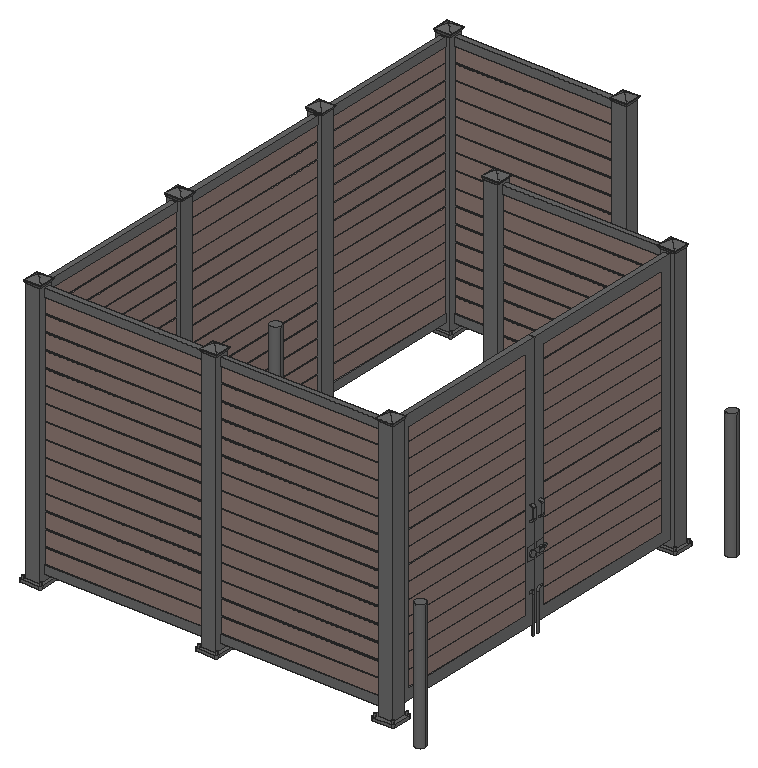
Revit family "Enclosure_System-CityScapes-Covrit-1111_ADA", category Specialty Equipment, Revit 2021
Family settings
  Round Connector Dimension = Use Diameter
  Part Type = Normal
  Work Plane-Based = No
  Always vertical = Yes
  Cut with Voids When Loaded = No
  Shared = No
  Room Calculation Point = No
Parameters (values of type "8' Height")
  Width = 11' - 0"  # constant formula
  URL = "https://cityscapesinc.com/"
  Square Posts Material [instance] = Aluminum - CityScapes - Electric Black
  Specification = "https://www.arcat.com/company/cityscapes-international-inc-40042/spec"
  Round Posts Material [instance] = Aluminum - CityScapes - Electric Black
  Product Page URL = "https://www.arcat.com/arcatcos/cos40/arc40042.html"
  Post Height = Square_Post-Covrit-CityScapes : Square Post 8'
  Panel Material [instance] = PVC Board - CityScapes - Plankwall - Sequoia
  Model = "Covrit 1111 ADA"  # constant formula
  Manufacturer = "CityScapes"  # constant formula
  Length = 16' - 0"  # constant formula
  Keynote = "32 35 00 "
  Height = 8' - 0"
  Frame Material [instance] = Aluminum - CityScapes - Electric Black
  Description = "Dumpster Enclosures, Single Walk-In, ADA"  # constant formula
  Default Elevation = 0' - 0"
  Copyright = "© 2023 ARCAT"  # constant formula
  CAD Details = "https://www.arcat.com/company/cityscapes-international-inc-40042/cad"
Types (3): name | Post Height | Height
  6' Height | Square_Post-Covrit-CityScapes : Square Post 6' | 6' - 0"
  7' Height | Square_Post-Covrit-CityScapes : Square Post 7' | 7' - 0"
  8' Height | Square_Post-Covrit-CityScapes : Square Post 8' | 8' - 0"
Reference planes (in)
  plane 1 "Center (Front/Back)": y = 0
  plane 2: z = 0
  plane 3 "Center (Left/Right)": x = 0
  plane 4: x = 66
  plane 5: x = -66
  plane 6: y = 96
  plane 7: y = -96
  plane 8: z = 99.5
  plane 9: z = 3.5
Forms (in)
  Extrusion 1, solid, material "Aluminum - CityScapes - Electric Black" <- "Round Posts Material"
    sketch origin (0, 0, 0) x (1, 0, 0) y (0, 1, 0)
      loop
        circle (82.5, -103) r 2
      loop
        circle (82.5, 42.99567) r 2
      loop
        circle (-53.99898, -60) r 2
      loop
        circle (-54, 0) r 2
    from 0 to 48
  Sweep 2, solid, material "Aluminum - CityScapes - Electric Black"
    path origin (-8.47973, -30.03543, 0) x (0, 1, 0) y (0, 0, 1)
      loop
        line (-1, 0) -> (-1, 14)
        arc (-1, 14) -> (-1.29289, 14.70711) -> (-2, 15) r 1
        line (-2, 15) -> (-2.75, 15)
    profile origin (-8.47973, -31.03543, 7) x (0, -1, 0) y (1, 0, 0)
      loop
        circle (0, 75.75) r 0.30152
  Sweep 3, solid, material "Aluminum - CityScapes - Electric Black"
    path origin (-8.5, 0, 0) x (1, 0, 0) y (0, 0, 1)
      loop
        line (75.46875, 38.76865) -> (75.96875, 38.76865)
        arc (75.96875, 38.76865) -> (76.67586, 39.06154) -> (76.96875, 39.76865) r 1
        line (76.96875, 39.76865) -> (76.96875, 43.26865)
        arc (76.96875, 43.26865) -> (76.67586, 43.97576) -> (75.96875, 44.26865) r 1
        line (75.96875, 44.26865) -> (75.46875, 44.26865)
    profile origin (68.46875, 0, 41.51865) x (-1, 0, 0) y (0, -1, 0)
      loop
        line (-0.125, 27.5) -> (0.125, 27.5) -> (0.125, 28.5) -> (-0.125, 28.5) -> (-0.125, 27.5)
      loop
        line (-0.125, 32.5) -> (-0.125, 31.5) -> (0.125, 31.5) -> (0.125, 32.5) -> (-0.125, 32.5)
  Sweep 4, solid, material "Aluminum - CityScapes - Electric Black"
    path origin (-8.47973, -29.96457, 0) x (0, -1, 0) y (0, 0, -1)
      loop
        line (-1, 0) -> (-1, -14)
        arc (-1, -14) -> (-1.29289, -14.70711) -> (-2, -15) r 1
        line (-2, -15) -> (-2.75, -15)
    profile origin (-8.47973, -28.96457, 7) x (0, -1, 0) y (1, 0, 0)
      loop
        circle (0, 75.75) r 0.30152
Lines and regions (in)
  symbolic lines
    curve 1: line (66, 33.5, 0) -> (129.5, 33.5, 0)
    curve 2: arc (66, -30, 0) -> (110.90128, -11.40128, 0) -> (129.5, 33.5, 0) r 63.5
    curve 3: line (66, -93.5, 0) -> (129.5, -93.5, 0)
    curve 4: arc (66, -30, 0) -> (110.90128, -48.59872, 0) -> (129.5, -93.5, 0) r 63.5
Dimensions and locks (in)
  "Width": plane 5 to plane 4
  equal spacing: plane 5, plane 3 "Center (Left/Right)", plane 4
  "Length": plane 6 to plane 7
  equal spacing: plane 6, plane 1 "Center (Front/Back)", plane 7
  "Height": plane 8 to plane 9
  plane 8 to plane 2 = 8' - 3 1/2"
  nested 9 to level = 0' - 3 1/2"
  nested 8 to nested 8 = 0' - 3 1/8"
  plane 5 to nested 7 = 5' - 6"
  nested 4 to nested 6 to nested 14 = 5' - 6", 5' - 6"
  nested 14 to nested 1 = 5' - 0"
  locked: nested 19 to plane 2 at 27.92857
  locked: plane 9 to plane 2 at 3.5
  nested 2 to nested 13 to nested 16 = 5' - 3.49483", 5' - 3.36985"
  nested 4 to nested 5 to nested 2 = 5' - 6", 5' - 6"
  nested 4 to nested 2 = 11' - 0"
  nested 15 to nested 7 = 5' - 0"
  aligned and locked: plane 2 to level
  aligned and locked: nested 2 to plane 7
  aligned and locked: plane 4 to nested 2
  aligned and locked: plane 5 to nested 1
  aligned and locked: nested 1 to plane 6
  aligned and locked: nested 4 to plane 7
  aligned and locked: nested 7 to plane 6
  aligned and locked: nested 5 to plane 3 "Center (Left/Right)"
  aligned and locked: nested 5 to plane 7
  aligned and locked: Extrusion 1 to plane 2
  aligned and locked: nested 2 to plane 2
  aligned and locked: plane 2 to nested 2
  aligned and locked: nested 5 to plane 2
  aligned and locked: nested 7 to plane 2
  aligned and locked: plane 2 to nested 5
  aligned and locked: plane 6 to nested 3
  aligned and locked: nested 8 to plane 7
  aligned and locked: nested 9 to plane 7
  aligned and locked: plane 4 to nested 12
  aligned and locked: plane 4 to nested 13
Automatic sketch dimensions
  plane 5 to Extrusion 1 sketch curve = 1' - 0"
  plane 5 to Extrusion 1 sketch curve = 1' - 0.00102"
  Extrusion 1 sketch curve to plane 7 = 0' - 7"
  plane 4 to Extrusion 1 sketch curve = 1' - 4 1/2"  (x2)
  Extrusion 1 sketch curve to plane 6 = 4' - 5.00433"
  Extrusion 1 sketch curve to plane 1 "Center (Front/Back)" = 0' - 0"
  Extrusion 1 sketch curve to Extrusion 1 sketch curve = 0' - 2"  (x4)
  Sweep 2 sketch curve to level = 0' - 0"
  plane 1 "Center (Front/Back)" to Sweep 2 sketch curve = 2' - 8.03543"
  Sweep 2 sketch curve to Sweep 2 sketch curve = 0' - 1"
  level to Sweep 2 sketch curve = 1' - 2"
  Sweep 2 sketch curve to Sweep 2 sketch curve = 0' - 0 3/4"
  Sweep 2 sketch curve to profile plane = 0' - 0"
  profile plane to Sweep 2 sketch curve = 6' - 3 3/4"
  Sweep 4 sketch curve to level = 0' - 0"
  plane 1 "Center (Front/Back)" to Sweep 4 sketch curve = 2' - 3.96457"
  Sweep 4 sketch curve to Sweep 4 sketch curve = 0' - 1"
  level to Sweep 4 sketch curve = 1' - 2"
  Sweep 4 sketch curve to Sweep 4 sketch curve = 0' - 0 3/4"
  Sweep 4 sketch curve to profile plane = 0' - 0"
  profile plane to Sweep 4 sketch curve = 6' - 3 3/4"
  Sweep 3 sketch curve to Sweep 3 sketch curve = 0' - 1"  (x4)
  level to Sweep 3 sketch curve = 3' - 2.76865"
  Sweep 3 sketch curve to Sweep 3 sketch curve = 0' - 3 1/2"
  Sweep 3 sketch curve to Sweep 3 sketch curve = 0' - 0 1/2"  (x2)
  profile plane to Sweep 3 sketch curve = 0' - 0 1/8"  (x2)
  Sweep 3 sketch curve to profile plane = 0' - 0 1/8"  (x2)
  plane 1 "Center (Front/Back)" to Sweep 3 sketch curve = 2' - 3 1/2"
  plane 1 "Center (Front/Back)" to Sweep 3 sketch curve = 2' - 7 1/2"
  curve 1 to plane 6 = 5' - 2 1/2"
  plane 7 to curve 3 = 0' - 2 1/2"
  plane 1 "Center (Front/Back)" to curve 2 = 2' - 6"
  plane 1 "Center (Front/Back)" to curve 4 = 2' - 6"
  Extrusion 1 sketch curve to Extrusion 1 sketch curve = 0' - 0"
  plane 7 to Extrusion 1 sketch curve = 3' - 0"
  curve 1 to plane 4 = 0' - 0"
  curve 4 to plane 4 = 0' - 0"
  curve 2 to plane 4 = 0' - 0"
  curve 3 to plane 4 = 0' - 0"
  plane 4 to Sweep 3 sketch curve = 0' - 1 15/32"
  radius of Sweep 2 sketch curve = 0' - 0.30152"
  radius of Sweep 4 sketch curve = 0' - 0.30152"
Nested families (in)
  nested 1: "Square_Post-Covrit-CityScapes" at (-66, 96, 0), type <- "Post Height", type "Square Post 8'"
  nested 2: "Square_Post-Covrit-CityScapes" at (66, -96, 0), type <- "Post Height", type "Square Post 8'"
  nested 3: "Panel-Covrit-CityScapes" at (-33, 94.96875, 3.5) x (0, 1, 0) z (0, 0, 1), FRAME MATERIAL <- "Frame Material", MATERIAL <- "Panel Material", type "Panel"
    with Panel_Length 5' - 0.73687", MATERIAL PVC Board - CityScapes - Plankwall - Sequoia, FRAME MATERIAL Aluminum - CityScapes - Electric Black
  nested 4: "Square_Post-Covrit-CityScapes" at (-66, -96, 0), type <- "Post Height", type "Square Post 8'"
  nested 5: "Square_Post-Covrit-CityScapes" at (0, -96, 0), type <- "Post Height", type "Square Post 8'"
  nested 6: "Square_Post-Covrit-CityScapes" at (-66, -30, 0), type <- "Post Height", type "Square Post 8'"
  nested 7: "Square_Post-Covrit-CityScapes" at (0, 96, 0), type <- "Post Height", type "Square Post 8'"
  nested 8: "Panel-Covrit-CityScapes" at (-33, -94.96875, 3.5) x (0, -1, 0) z (0, 0, 1), FRAME MATERIAL <- "Frame Material", MATERIAL <- "Panel Material", type "Panel"
    with Panel_Length 5' - 0.73687", MATERIAL PVC Board - CityScapes - Plankwall - Sequoia, FRAME MATERIAL Aluminum - CityScapes - Electric Black
  nested 9: "Panel-Covrit-CityScapes" at (33, -94.96875, 3.5) x (0, -1, 0) z (0, 0, 1), FRAME MATERIAL <- "Frame Material", MATERIAL <- "Panel Material", type "Panel"
    with Panel_Length 5' - 0.73687", MATERIAL PVC Board - CityScapes - Plankwall - Sequoia, FRAME MATERIAL Aluminum - CityScapes - Electric Black
  nested 10: "Panel-Covrit-CityScapes" at (-64.96875, -63.06249, 3.5) x (-1, 0, 0) z (0, 0, 1), FRAME MATERIAL <- "Frame Material", MATERIAL <- "Panel Material", type "Panel"
    with Panel_Length 5' - 0.86468", MATERIAL PVC Board - CityScapes - Plankwall - Sequoia, FRAME MATERIAL Aluminum - CityScapes - Electric Black
  nested 11: "Panel-Covrit-CityScapes" at (-64.96875, 2.93751, 3.5) x (-1, 0, 0) z (0, 0, 1), FRAME MATERIAL <- "Frame Material", MATERIAL <- "Panel Material", type "Panel"
    with Panel_Length 5' - 0.86468", MATERIAL PVC Board - CityScapes - Plankwall - Sequoia, FRAME MATERIAL Aluminum - CityScapes - Electric Black
  nested 12: "Gate-Panel-CityScapes" at (64.96875, 1.75, 3.5), FRAME MATERIAL <- "Frame Material", MATERIAL <- "Panel Material", type "Gate Panel"
    with Planks Length 4' - 7 1/2", Panel_Length 5' - 3 1/2", MATERIAL PVC Board - CityScapes - Plankwall - Sequoia, FRAME MATERIAL Aluminum - CityScapes - Electric Black, Planks Qunatity Aux 15, Planks Quantity 16, Panel_Height 8' - 0", Gap Between Planks 0' - 7 1/2"
  nested 13: "Gate-Panel-CityScapes" at (64.96875, -61.75, 3.5), FRAME MATERIAL <- "Frame Material", MATERIAL <- "Panel Material", type "Gate Panel"
    with Planks Length 4' - 7 1/2", Panel_Length 5' - 3 1/2", MATERIAL PVC Board - CityScapes - Plankwall - Sequoia, FRAME MATERIAL Aluminum - CityScapes - Electric Black, Planks Qunatity Aux 15, Planks Quantity 16, Panel_Height 8' - 0", Gap Between Planks 0' - 7 1/2"
  nested 14: "Square_Post-Covrit-CityScapes" at (-66, 36, 0), type <- "Post Height", type "Square Post 8'"
  nested 15: "Square_Post-Covrit-CityScapes" at (0, 36, 0), type <- "Post Height", type "Square Post 8'"
  nested 16: "Square_Post-Covrit-CityScapes" at (66, 36, 0), type <- "Post Height", type "Square Post 8'"
  nested 17: "Panel-Covrit-CityScapes" at (33, 34.96875, 3.5) x (0, 1, 0) z (0, 0, 1), FRAME MATERIAL <- "Frame Material", MATERIAL <- "Panel Material", type "Panel"
    with Panel_Length 5' - 0.73687", MATERIAL PVC Board - CityScapes - Plankwall - Sequoia, FRAME MATERIAL Aluminum - CityScapes - Electric Black
  nested 18: "Panel-Covrit-CityScapes" at (-64.96875, 65.93751, 3.5) x (-1, 0, 0) z (0, 0, 1), FRAME MATERIAL <- "Frame Material", MATERIAL <- "Panel Material", type "Panel"
    with Panel_Length 4' - 6.86468", MATERIAL PVC Board - CityScapes - Plankwall - Sequoia, FRAME MATERIAL Aluminum - CityScapes - Electric Black
  nested 19: "Gate-CityScapes-Modern_Latch" at (66, -30, 27.92857) x (0, 1, 0) z (0, 0, 1), type "Latch"
Definition of nested family "Square_Post-Covrit-CityScapes"
  Parameters (values of type "Square Post 7'")
    TPost_Height = 7' - 4"
    Post_DIM = 0' - 8.2682"
    Post Material = none
    Default Elevation = 0' - 0"
  Types (3): name | TPost_Height | Post_DIM
    Square Post 6' | 6' - 4" | 0' - 8.26536"
    Square Post 7' | 7' - 4" | 0' - 8.2682"
    Square Post 8' | 8' - 4" | 0' - 8.2682"
  Reference planes (in)
    plane 1 "Center (Front/Back)": y = 0
    plane 2: z = 0
    plane 3 "Center (Left/Right)": x = 0
    plane 4: x = 4.1341
    plane 5: y = 4.1341
    plane 6: y = -4.1341
    plane 7: x = -4.1341
    plane 8: z = 88
  Forms (in)
    Extrusion 1, solid, material <- "Post Material"
      sketch origin (0, 0, 0) x (1, 0, 0) y (0, 1, 0)
        loop
          line (2.63157, 2.50517) -> (-2.63157, 2.50517) -> (-2.63157, -2.63015) -> (2.63157, -2.63015) -> (2.63157, 2.50517)
      from 0 to 88
    Sweep 2, solid, material <- "Post Material"
      path in 3D
        loop
          line (-2.63157, 2.50517, 88) -> (-2.63157, -2.63015, 88) -> (2.63157, -2.63015, 88) -> (2.63157, 2.50517, 88) -> (-2.63157, 2.50517, 88)
      profile origin (0, 2.50517, 88) x (0, -1, 0) y (0, 0, 1)
        loop
          line (0, 0) -> (0, 0.0625) -> (-0.5, 0.92853) -> (-0.5, 1.1985) -> (2.50517, 2.93353) -> (2.50517, 2.96962) -> (-0.53125, 1.21654) -> (-0.53125, 0.92015) -> (0, 0)
    Extrusion 3, solid, material <- "Post Material"
      sketch origin (0, 0, 0) x (1, 0, 0) y (0, 1, 0)
        loop
          line (4.1341, -3.43396) -> (4.1341, 3.43396)
          arc (4.1341, 3.43396) -> (3.92903, 3.92903) -> (3.43396, 4.1341) r 0.70014
          line (3.43396, 4.1341) -> (-3.43396, 4.1341)
          arc (-3.43396, 4.1341) -> (-3.92903, 3.92903) -> (-4.1341, 3.43396) r 0.70014
          line (-4.1341, 3.43396) -> (-4.1341, -3.43396)
          arc (-4.1341, -3.43396) -> (-3.92903, -3.92903) -> (-3.43396, -4.1341) r 0.70014
          line (-3.43396, -4.1341) -> (3.43396, -4.1341)
          arc (3.43396, -4.1341) -> (3.92903, -3.92903) -> (4.1341, -3.43396) r 0.70014
      from 0 to 1
    Extrusion 4, solid, material <- "Post Material"
      sketch origin (0, 0, 0) x (1, 0, 0) y (0, 1, 0)
        loop
          circle (-3.38236, 3.27648) r 0.32836
        loop
          circle (3.29243, 3.27648) r 0.32836
        loop
          circle (3.29243, -3.27648) r 0.32836
        loop
          circle (-3.38236, -3.27648) r 0.32836
      from 0 to 2
  Cuts and joins
    joined: Extrusion 1, Sweep 2, Extrusion 3, Extrusion 4
  Lines and regions (in)
    sketch lines
      curve 1: line (2.63157, 2.50517, 88) -> (-2.63157, 2.50517, 88)
      curve 2: line (2.63157, -2.63015, 88) -> (2.63157, 2.50517, 88)
      curve 3: line (-2.63157, -2.63015, 88) -> (2.63157, -2.63015, 88)
      curve 4: line (-2.63157, 2.50517, 88) -> (-2.63157, -2.63015, 88)
  Dimensions and locks (in)
    "Post_DIM": plane 5 to plane 6
    "Post_DIM": plane 7 to plane 4
    "TPost_Height": plane 8 to plane 2
    equal spacing: cut or joined group of Extrusion 1, Sweep 2, Extrusion 3, Extrusion 4, plane 3 "Center (Left/Right)", cut or joined group of Extrusion 1, Sweep 2, Extrusion 3, Extrusion 4
    equal spacing: plane 7, plane 3 "Center (Left/Right)", plane 4
    aligned and locked: plane 2 to level
    aligned and locked: plane 8 to Extrusion 1
    aligned and locked: Extrusion 1 to plane 2
    aligned and locked: Sweep 2 sketch curve to profile plane
    aligned and locked: cut or joined group of Extrusion 1, Sweep 2, Extrusion 3, Extrusion 4 to plane 7
    aligned and locked: plane 4 to cut or joined group of Extrusion 1, Sweep 2, Extrusion 3, Extrusion 4
  Automatic sketch dimensions
    Extrusion 3 sketch curve to plane 6 = 0' - 0"
    Extrusion 3 sketch curve to plane 5 = 0' - 0"
    Extrusion 3 sketch curve to plane 4 = 0' - 0"
    Extrusion 3 sketch curve to plane 4 = 0' - 0.70014"  (x2)
    plane 7 to Extrusion 3 sketch curve = 0' - 0.70014"  (x2)
    plane 7 to Extrusion 3 sketch curve = 0' - 0"
    plane 7 to Extrusion 4 sketch curve = 0' - 0.75175"  (x2)
    Extrusion 4 sketch curve to plane 5 = 0' - 0.85762"  (x2)
    Extrusion 4 sketch curve to Extrusion 4 sketch curve = 0' - 0.32836"  (x4)
    Extrusion 4 sketch curve to plane 4 = 0' - 0.84167"  (x2)
    plane 6 to Extrusion 4 sketch curve = 0' - 0.85762"  (x2)
    Extrusion 4 sketch curve to Extrusion 4 sketch curve = 0' - 0"  (x2)
    plane 7 to Extrusion 1 sketch curve = 0' - 1.50253"
    plane 6 to Extrusion 1 sketch curve = 0' - 1.50395"
    Extrusion 1 sketch curve to plane 4 = 0' - 1.50253"
    Extrusion 1 sketch curve to plane 5 = 0' - 1.62893"
    Sweep 2 sketch curve to profile plane = 0' - 0"
    profile plane to Sweep 2 sketch curve = 0' - 0 1/2"
    Sweep 2 sketch curve to Sweep 2 sketch curve = 0' - 0 1/32"
    profile plane to Sweep 2 sketch curve = 0' - 0 1/16"
    profile plane to Sweep 2 sketch curve = 0' - 0.92015"
    Sweep 2 sketch curve to Sweep 2 sketch curve = 0' - 0.00837"
    Sweep 2 sketch curve to Sweep 2 sketch curve = 0' - 0.26997"
    Sweep 2 sketch curve to Sweep 2 sketch curve = 0' - 0.01804"
    Sweep 2 sketch curve to profile plane = 0' - 2.50517"
    Sweep 2 sketch curve to Sweep 2 sketch curve = 0' - 1.73504"
    Sweep 2 sketch curve to Sweep 2 sketch curve = 0' - 0.03608"
Definition of nested family "Panel-Covrit-CityScapes"
  Parameters (values of type "Covrit Panel")
    Planks Qunatity Aux = (Panel_Height - (0' 3 1/8" * 2) - Gap Between Planks) / 0' 5 1/2"  # 15
    Planks Quantity = (Panel_Height - (0' 3 1/8" * 2)) / 0' 5 1/2"  # 16
    Trim_Depth = 0' - 0 23/32"
    SOLID PANEL DEPTH = 0' - 1"
    Profile_Height = 0' - 5 1/2"  # constant formula
    Panel_Length [instance] = 6' - 0"
    Panel_Height = 8' - 0"
    MATERIAL [instance] = none
    Gap Between Planks = (Planks Quantity - 1) * 0' 0 1/2"  # 0' - 7 1/2"
    FRAME WIDTH = 0' - 3 1/8"  # constant formula
    FRAME MATERIAL [instance] = none
    FRAME DEPTH = 0' - 2"  # constant formula
    Description = ""
    Default Elevation = 0' - 0"
  Reference planes (in)
    plane 1 "Center (Front/Back)": y = 0
    plane 2: z = 0
    plane 3 "Center (Left/Right)": x = 0
    plane 4 "FrameLeft": y = 36
    plane 5 "FrameRight": y = -36
    plane 6 "top": z = 96
    plane 7 "framebottom": z = 92.875
    plane 8: z = 3.125
    plane 9: z = 48
    plane 10: x = 1.03125
    plane 11: x = 2
  Forms (in)
    Extrusion 1, solid, material <- "FRAME MATERIAL"
      sketch origin (0, 0, 0) x (0, 1, 0) y (0, 0, 1)
        loop
          line (36, 0) -> (36, 3.125) -> (-36, 3.125) -> (-36, 0) -> (36, 0)
        loop
          line (36, 96) -> (-36, 96) -> (-36, 92.875) -> (36, 92.875) -> (36, 96)
      from 0 to 2
    Extrusion 2, solid
      sketch origin (0, 0, 0) x (1, 0, 0) y (0, 0, 1)
        loop
          line (1.09375, 3.125) -> (1.09375, 92.875) -> (0.96875, 92.875) -> (0.96875, 3.125) -> (1.09375, 3.125)
      from -36 to 36
  Text (in)
    text "EXTERIOR" at (58.92048, 7.19966, 0), in view "Ref. Level"
    text "EXTERIOR" at (58.92048, 7.19966, 0), in view "Ref. Level Copy 1"
    text "EXTERIOR" at (40.89755, 0, 33.52979), in view "Side"
  Dimensions and locks (in)
    "Panel_Length": plane 4 "FrameLeft" to plane 5 "FrameRight"
    equal spacing: plane 4 "FrameLeft", plane 1 "Center (Front/Back)", plane 5 "FrameRight"  (x2)
    "FRAME WIDTH": plane 6 "top" to plane 7 "framebottom"
    "FRAME WIDTH": plane 8 to plane 2
    plane 4 "FrameLeft" to plane 5 "FrameRight" = 6' - 0"  (x2)
    equal spacing: plane 6 "top", plane 9, plane 2
    "Panel_Height": plane 6 "top" to plane 2
    plane 6 "top" to plane 2 = 8' - 0"
    equal spacing: group 1, group 3, group 4, group 5, group 6, group 7, group 8, group 9, group 10, group 11, group 12, group 13, group 14, group 15, group 2  (x3)
    "FRAME DEPTH": plane 11 to plane 3 "Center (Left/Right)"
    Extrusion 2 sketch curve to plane 10 to Extrusion 2 sketch curve = 0' - 0 1/16" locked, 0' - 0 1/16" locked
    aligned and locked: plane 2 to level
    aligned and locked: plane 4 "FrameLeft" to Extrusion 1 sketch curve
    aligned and locked: plane 6 "top" to Extrusion 1 sketch curve
    aligned and locked: plane 5 "FrameRight" to Extrusion 1 sketch curve
    aligned and locked: plane 2 to Extrusion 1 sketch curve
    aligned and locked: plane 7 "framebottom" to Extrusion 1 sketch curve
    aligned and locked: Extrusion 1 sketch curve to plane 8
    aligned and locked: Extrusion 1 to plane 3 "Center (Left/Right)"
    aligned and locked: nested 1 to plane 4 "FrameLeft"
    aligned and locked: nested 1 to plane 8
    aligned and locked: plane 10 to nested 1
    aligned and locked: plane 7 "framebottom" to nested 2
    aligned and locked: plane 10 to nested 2
    aligned and locked: plane 11 to Extrusion 1
    aligned and locked: plane 8 to Extrusion 2 sketch curve
    aligned and locked: Extrusion 2 sketch curve to plane 7 "framebottom"
    aligned and locked: plane 4 "FrameLeft" to Extrusion 2
    aligned and locked: Extrusion 2 to plane 5 "FrameRight"
  Automatic sketch dimensions
    Extrusion 1 sketch curve to plane 5 "FrameRight" = 0' - 0"
    Extrusion 1 sketch curve to plane 4 "FrameLeft" = 0' - 0"
  Nested families (in)
    nested 1: "PANEL TRIM" at (1.03125, 0, 3.125), MATERIAL <- "MATERIAL", type "PANEL TRIM"
      with Profile_Length 6' - 0", Profile_Height 0' - 5 1/2"
    nested 2: "PANEL TRIM" at (1.03125, 0, 87.375), MATERIAL <- "MATERIAL", type "PANEL TRIM"
      with Profile_Length 6' - 0", Profile_Height 0' - 5 1/2"
    nested 3: "PANEL TRIM" at (1.03125, 0, 9.14286), MATERIAL <- "MATERIAL", type "PANEL TRIM"
      with Profile_Length 6' - 0", Profile_Height 0' - 5 1/2"
    nested 4: "PANEL TRIM" at (1.03125, 0, 15.16071), MATERIAL <- "MATERIAL", type "PANEL TRIM"
      with Profile_Length 6' - 0", Profile_Height 0' - 5 1/2"
    nested 5: "PANEL TRIM" at (1.03125, 0, 21.17857), MATERIAL <- "MATERIAL", type "PANEL TRIM"
      with Profile_Length 6' - 0", Profile_Height 0' - 5 1/2"
    nested 6: "PANEL TRIM" at (1.03125, 0, 27.19643), MATERIAL <- "MATERIAL", type "PANEL TRIM"
      with Profile_Length 6' - 0", Profile_Height 0' - 5 1/2"
    nested 7: "PANEL TRIM" at (1.03125, 0, 33.21429), MATERIAL <- "MATERIAL", type "PANEL TRIM"
      with Profile_Length 6' - 0", Profile_Height 0' - 5 1/2"
    nested 8: "PANEL TRIM" at (1.03125, 0, 39.23214), MATERIAL <- "MATERIAL", type "PANEL TRIM"
      with Profile_Length 6' - 0", Profile_Height 0' - 5 1/2"
    nested 9: "PANEL TRIM" at (1.03125, 0, 45.25), MATERIAL <- "MATERIAL", type "PANEL TRIM"
      with Profile_Length 6' - 0", Profile_Height 0' - 5 1/2"
    nested 10: "PANEL TRIM" at (1.03125, 0, 51.26786), MATERIAL <- "MATERIAL", type "PANEL TRIM"
      with Profile_Length 6' - 0", Profile_Height 0' - 5 1/2"
    nested 11: "PANEL TRIM" at (1.03125, 0, 57.28571), MATERIAL <- "MATERIAL", type "PANEL TRIM"
      with Profile_Length 6' - 0", Profile_Height 0' - 5 1/2"
    nested 12: "PANEL TRIM" at (1.03125, 0, 63.30357), MATERIAL <- "MATERIAL", type "PANEL TRIM"
      with Profile_Length 6' - 0", Profile_Height 0' - 5 1/2"
    nested 13: "PANEL TRIM" at (1.03125, 0, 69.32143), MATERIAL <- "MATERIAL", type "PANEL TRIM"
      with Profile_Length 6' - 0", Profile_Height 0' - 5 1/2"
    nested 14: "PANEL TRIM" at (1.03125, 0, 75.33929), MATERIAL <- "MATERIAL", type "PANEL TRIM"
      with Profile_Length 6' - 0", Profile_Height 0' - 5 1/2"
    nested 15: "PANEL TRIM" at (1.03125, 0, 81.35714), MATERIAL <- "MATERIAL", type "PANEL TRIM"
      with Profile_Length 6' - 0", Profile_Height 0' - 5 1/2"
  Definition of nested family "PANEL TRIM"
    Parameters (values of type "PANEL TRIM")
      Profile_Length = 5' - 6"
      Profile_Height = 0' - 5"
      Profile_Depth = 0' - 0 23/32"
      MATERIAL [instance] = none
      Default Elevation = 0' - 0"
    Reference planes (in)
      plane 1 "Center (Front/Back)": y = 0
      plane 2: z = 0
      plane 3 "Center (Left/Right)": x = 0
      plane 4: z = 5
      plane 5: y = 33
      plane 6: y = -33
    Forms (in)
      Extrusion 1, solid, material <- "MATERIAL"
        sketch origin (-0.35938, 0, 0) x (1, 0, 0) y (0, 1, 0)
          loop
            line (-0.14062, 33) -> (-0.14062, -33) -> (0.85938, -33) -> (0.85938, 33) -> (-0.14062, 33)
        from 0 to 5
    Dimensions and locks (in)
      equal spacing: plane 6, plane 1 "Center (Front/Back)", plane 5
      "Profile_Length": plane 6 to plane 5
      "Profile_Height": plane 4 to plane 2
      aligned and locked: plane 2 to level
      aligned and locked: plane 5 to Extrusion 1 sketch curve
      aligned and locked: Extrusion 1 sketch curve to plane 6
      aligned and locked: plane 4 to Extrusion 1
      aligned and locked: Extrusion 1 to plane 2
    Automatic sketch dimensions
      Extrusion 1 sketch curve to plane 3 "Center (Left/Right)" = 0' - 0 1/2"
      plane 3 "Center (Left/Right)" to Extrusion 1 sketch curve = 0' - 0 1/2"
Definition of nested family "Gate-Panel-CityScapes"
  Parameters (values of type "Covrit Panel 1111 -  7'")
    Planks Qunatity Aux = (Panel_Height - (0' 4" * 2) - Gap Between Planks) / 0' 5 1/2"  # 13
    Planks Quantity = (Panel_Height - (0' 4" * 2)) / 0' 5 1/2"  # 14
    Trim_Depth = 0' - 0 23/32"
    SOLID PANEL DEPTH = 0' - 1"
    Profile_Height = 0' - 5 1/2"  # constant formula
    Planks Length [instance] = Panel_Length - (FRAME WIDTH * 2)  # 5' - 4"
    Panel_Length [instance] = 6' - 0"
    Panel_Height = 7' - 0"
    MATERIAL [instance] = none
    Gap Between Planks = (Planks Quantity - 1) * 0' 0 1/2"  # 0' - 6 1/2"
    FRAME WIDTH = 0' - 4"  # constant formula
    FRAME MATERIAL [instance] = none
    FRAME DEPTH = 0' - 2"  # constant formula
    Description = ""
    Default Elevation = 0' - 0"
  Types (3): name | Planks Qunatity Aux | Planks Quantity | Planks Length | Panel_Length | Panel_Height | Gap Between Planks
    Covrit Panel 1111 -  6' | 11 | 12 | 4' - 10" | 5' - 6" | 6' - 0" | 0' - 5 1/2"
    Covrit Panel 1111 -  7' | 13 | 14 | 5' - 4" | 6' - 0" | 7' - 0" | 0' - 6 1/2"
    Covrit Panel 1111 -  8' | 15 | 16 | 5' - 4" | 6' - 0" | 8' - 0" | 0' - 7 1/2"
  Reference planes (in)
    plane 1 "Center (Front/Back)": y = 0
    plane 2: z = 0
    plane 3 "Center (Left/Right)": x = 0
    plane 4 "FrameLeft": y = 36
    plane 5 "FrameRight": y = -36
    plane 6 "top": z = 84
    plane 7 "framebottom": z = 80
    plane 8: z = 4
    plane 9: z = 42
    plane 10: x = 1.03125
    plane 11: x = 2
    plane 12: y = -32
    plane 13: y = 32
  Forms (in)
    Extrusion 1, solid, material <- "FRAME MATERIAL"
      sketch origin (0, 0, 0) x (0, 1, 0) y (0, 0, 1)
        loop
          line (36, 0) -> (36, 84) -> (-36, 84) -> (-36, 0) -> (36, 0)
        loop
          line (32, 80) -> (-32, 80) -> (-32, 4) -> (32, 4) -> (32, 80)
      from 0 to 2
    Extrusion 2, solid
      sketch origin (0, 0, 0) x (1, 0, 0) y (0, 0, 1)
        loop
          line (1.09375, 4) -> (1.09375, 80) -> (0.96875, 80) -> (0.96875, 4) -> (1.09375, 4)
      from -32 to 32
  Text (in)
    text "EXTERIOR" at (58.92048, 7.19966, 0), in view "Ref. Level"
    text "EXTERIOR" at (58.92048, 7.19966, 0), in view "Ref. Level Copy 1"
    text "EXTERIOR" at (40.89755, 0, 33.52979), in view "Side"
  Dimensions and locks (in)
    "Panel_Length": plane 4 "FrameLeft" to plane 5 "FrameRight"
    equal spacing: plane 4 "FrameLeft", plane 1 "Center (Front/Back)", plane 5 "FrameRight"  (x2)
    "FRAME WIDTH": plane 6 "top" to plane 7 "framebottom"
    "FRAME WIDTH": plane 8 to plane 2
    plane 4 "FrameLeft" to plane 5 "FrameRight" = 6' - 0"  (x2)
    equal spacing: plane 6 "top", plane 9, plane 2
    "Panel_Height": plane 6 "top" to plane 2
    plane 6 "top" to plane 2 = 7' - 0"
    equal spacing: group 1, group 3, group 4, group 5, group 6, group 7, group 8, group 9, group 10, group 11, group 12, group 13, group 2  (x3)
    "FRAME DEPTH": plane 11 to plane 3 "Center (Left/Right)"
    Extrusion 2 sketch curve to plane 10 to Extrusion 2 sketch curve = 0' - 0 1/16" locked, 0' - 0 1/16" locked
    "FRAME WIDTH": plane 5 "FrameRight" to Extrusion 1 sketch curve
    "FRAME WIDTH": Extrusion 1 sketch curve to plane 4 "FrameLeft"
    "FRAME WIDTH": plane 5 "FrameRight" to plane 12
    "FRAME WIDTH": plane 13 to plane 4 "FrameLeft"
    aligned and locked: plane 2 to level
    aligned and locked: plane 4 "FrameLeft" to Extrusion 1 sketch curve
    aligned and locked: plane 6 "top" to Extrusion 1 sketch curve
    aligned and locked: plane 5 "FrameRight" to Extrusion 1 sketch curve
    aligned and locked: plane 2 to Extrusion 1 sketch curve
    aligned and locked: plane 7 "framebottom" to Extrusion 1 sketch curve
    aligned and locked: plane 8 to Extrusion 1 sketch curve
    aligned and locked: Extrusion 1 to plane 3 "Center (Left/Right)"
    aligned and locked: nested 1 to plane 8
    aligned and locked: plane 10 to nested 1
    aligned and locked: plane 7 "framebottom" to nested 2
    aligned and locked: plane 10 to nested 2
    aligned and locked: plane 11 to Extrusion 1
    aligned and locked: plane 8 to Extrusion 2 sketch curve
    aligned and locked: Extrusion 2 sketch curve to plane 7 "framebottom"
    aligned and locked: plane 1 "Center (Front/Back)" to nested 1
    aligned and locked: plane 13 to Extrusion 2
    aligned and locked: plane 12 to Extrusion 2
  Nested families (in)
    nested 1: "PANEL TRIM" at (1.03125, 0, 4), MATERIAL <- "MATERIAL", type "PANEL TRIM"
      with Profile_Length 5' - 4", Profile_Height 0' - 5 1/2"
    nested 2: "PANEL TRIM" at (1.03125, 0, 74.5), MATERIAL <- "MATERIAL", type "PANEL TRIM"
      with Profile_Length 5' - 4", Profile_Height 0' - 5 1/2"
    nested 3: "PANEL TRIM" at (1.03125, 0, 9.875), MATERIAL <- "MATERIAL", type "PANEL TRIM"
      with Profile_Length 5' - 4", Profile_Height 0' - 5 1/2"
    nested 4: "PANEL TRIM" at (1.03125, 0, 15.75), MATERIAL <- "MATERIAL", type "PANEL TRIM"
      with Profile_Length 5' - 4", Profile_Height 0' - 5 1/2"
    nested 5: "PANEL TRIM" at (1.03125, 0, 21.625), MATERIAL <- "MATERIAL", type "PANEL TRIM"
      with Profile_Length 5' - 4", Profile_Height 0' - 5 1/2"
    nested 6: "PANEL TRIM" at (1.03125, 0, 27.5), MATERIAL <- "MATERIAL", type "PANEL TRIM"
      with Profile_Length 5' - 4", Profile_Height 0' - 5 1/2"
    nested 7: "PANEL TRIM" at (1.03125, 0, 33.375), MATERIAL <- "MATERIAL", type "PANEL TRIM"
      with Profile_Length 5' - 4", Profile_Height 0' - 5 1/2"
    nested 8: "PANEL TRIM" at (1.03125, 0, 39.25), MATERIAL <- "MATERIAL", type "PANEL TRIM"
      with Profile_Length 5' - 4", Profile_Height 0' - 5 1/2"
    nested 9: "PANEL TRIM" at (1.03125, 0, 45.125), MATERIAL <- "MATERIAL", type "PANEL TRIM"
      with Profile_Length 5' - 4", Profile_Height 0' - 5 1/2"
    nested 10: "PANEL TRIM" at (1.03125, 0, 51), MATERIAL <- "MATERIAL", type "PANEL TRIM"
      with Profile_Length 5' - 4", Profile_Height 0' - 5 1/2"
    nested 11: "PANEL TRIM" at (1.03125, 0, 56.875), MATERIAL <- "MATERIAL", type "PANEL TRIM"
      with Profile_Length 5' - 4", Profile_Height 0' - 5 1/2"
    nested 12: "PANEL TRIM" at (1.03125, 0, 62.75), MATERIAL <- "MATERIAL", type "PANEL TRIM"
      with Profile_Length 5' - 4", Profile_Height 0' - 5 1/2"
    nested 13: "PANEL TRIM" at (1.03125, 0, 68.625), MATERIAL <- "MATERIAL", type "PANEL TRIM"
      with Profile_Length 5' - 4", Profile_Height 0' - 5 1/2"
  Definition of nested family "PANEL TRIM"
    Parameters (values of type "PANEL TRIM")
      Profile_Length = 5' - 6"
      Profile_Height = 0' - 5"
      Profile_Depth = 0' - 0 23/32"
      MATERIAL [instance] = none
      Default Elevation = 0' - 0"
    Reference planes (in)
      plane 1 "Center (Front/Back)": y = 0
      plane 2: z = 0
      plane 3 "Center (Left/Right)": x = 0
      plane 4: z = 5
      plane 5: y = 33
      plane 6: y = -33
    Forms (in)
      Extrusion 1, solid, material <- "MATERIAL"
        sketch origin (-0.35938, 0, 0) x (1, 0, 0) y (0, 1, 0)
          loop
            line (-0.14062, 33) -> (-0.14062, -33) -> (0.85938, -33) -> (0.85938, 33) -> (-0.14062, 33)
        from 0 to 5
    Dimensions and locks (in)
      equal spacing: plane 6, plane 1 "Center (Front/Back)", plane 5
      "Profile_Length": plane 6 to plane 5
      "Profile_Height": plane 4 to plane 2
      aligned and locked: plane 2 to level
      aligned and locked: plane 5 to Extrusion 1 sketch curve
      aligned and locked: Extrusion 1 sketch curve to plane 6
      aligned and locked: plane 4 to Extrusion 1
      aligned and locked: Extrusion 1 to plane 2
    Automatic sketch dimensions
      Extrusion 1 sketch curve to plane 3 "Center (Left/Right)" = 0' - 0 1/2"
      plane 3 "Center (Left/Right)" to Extrusion 1 sketch curve = 0' - 0 1/2"
Definition of nested family "Gate-CityScapes-Modern_Latch"
  Parameters (values of type "Latch")
    URL = ""
    Product Page URL = ""
    Model = ""
    Manufacturer = "CityScapes"  # constant formula
    Keynote = ""
    Description = ""
    Default Elevation = 0' - 0"
    Copyright = "© 2023 ARCAT"  # constant formula
    CAD Details = ""
  Reference planes (in)
    plane 1 "Center (Front/Back)": y = 0
    plane 2: z = 0
    plane 3 "Center (Left/Right)": x = 0
    plane 4: y = -0.96875
  Forms (in)
    Extrusion 1, solid
      sketch origin (0, 0, 0) x (1, 0, 0) y (0, 0, 1)
        loop
          line (-3.5, 2.5) -> (-3.5, -2.5) -> (-0.5, -2.5) -> (-0.5, 2.5) -> (-3.5, 2.5)
        loop
          line (3.5, 2.5) -> (0.5, 2.5) -> (0.5, -2.5) -> (3.5, -2.5) -> (3.5, 2.5)
      from 0.96875 to 1.21875
    Extrusion 2, solid
      sketch origin (0, 0, 0) x (1, 0, 0) y (0, 0, 1)
        loop
          arc (-2, 0.75) -> (-2.75, 0) -> (-2, -0.75) r 0.75
          line (-2, -0.75) -> (4, -0.75)
          arc (4, -0.75) -> (4.75, 0) -> (4, 0.75) r 0.75
          line (4, 0.75) -> (-2, 0.75)
      from 1.34375 to 1.59375
    Extrusion 3, solid
      sketch origin (0, 0, 0) x (1, 0, 0) y (0, 0, 1)
        loop
          circle (-2, 0) r 1
      from 1.59375 to 2.09375
    Extrusion 4, solid
      sketch origin (0, 0, 0) x (0, 1, 0) y (0, 0, 1)
        loop
          line (-1.34375, 1) -> (-2.34375, 1) -> (-2.34375, 0.75) -> (-1.65625, 0.75) -> (-1.34375, 0.75) -> (-1.34375, 1)
        loop
          line (-1.21875, -0.75) -> (-1.71875, -0.75) -> (-1.71875, 0.6736) -> (-2.34375, 0.6736) -> (-2.34375, 0.4236) -> (-1.96732, 0.4236) -> (-1.96732, -1) -> (-1.21875, -1) -> (-1.21875, -0.75)
      from 1.00446 to 3.00446
  Cuts and joins
    joined: Extrusion 2, Extrusion 4
  Dimensions and locks (in)
    Extrusion 1 sketch curve to Extrusion 1 sketch curve to plane 3 "Center (Left/Right)" to Extrusion 1 sketch curve to Extrusion 1 sketch curve = 0' - 3" locked, 0' - 0 1/2" locked, 0' - 0 1/2" locked, 0' - 3" locked
    plane 4 to plane 1 "Center (Front/Back)" = 0' - 0 31/32"
    locked: Extrusion 1 to plane 4 at 0.25
    Extrusion 2 to Extrusion 2 to plane 4 = 0' - 0 1/4" locked, 0' - 0 3/8" locked
    locked: Extrusion 4 to Extrusion 4 at 2
    aligned and locked: plane 2 to level
    aligned and locked: Extrusion 1 to plane 4
